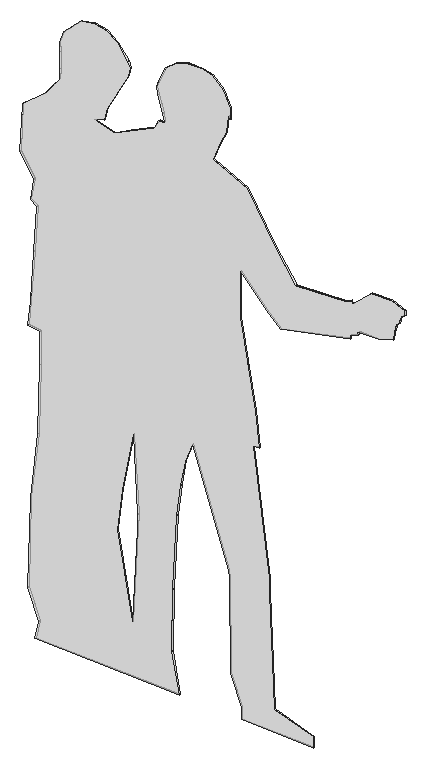
Revit family "Flat Men 01", category Entourage, Revit 2015
Parameters
  Flat Material [instance] = none
  Height = 0 mm
Reference planes
  plane 1 "Center (Front/Back)": y = 0
  plane 2: z = 0
  plane 3 "Center (Left/Right)": x = 0
Forms (mm)
  Extrusion 1, solid, material <- "Flat Material"
    sketch origin (0, 0, 0) x (1, 0, 0) y (0, 0, 1)
      loop
        line (86.733, 118.632) -> (89.636, 296.58) -> (102.497, 511.86) -> (115.355, 601.871) -> (128.628, 676.12) -> (151.028, 732.534) -> (266.755, 412.309) -> (270.074, 389.495) -> (272.978, 119.877) -> (308.237, 34.844) -> (308.237, 0) -> (536.789, 0) -> (536.789, 31.525) -> (414.424, 67.197) -> (398.246, 396.131) -> (398.246, 434.708) -> (346.811, 793.922) -> (366.306, 795.168) -> (353.449, 898.038) -> (305.331, 1148.989) -> (305.331, 1280.895) -> (394.927, 1192.959) -> (433.919, 1158.53) -> (655.837, 1209.965) -> (656.56, 1221.13) -> (680.308, 1228.631) -> (679.479, 1237.342) -> (745.017, 1239.415) -> (793.134, 1254.347) -> (797.281, 1277.576) -> (803.919, 1304.538) -> (810.555, 1307.028) -> (818.851, 1331.086) -> (829.635, 1335.649) -> (829.635, 1351.825) -> (786.911, 1367.172) -> (723.448, 1364.269) -> (663.067, 1313.05) -> (659.569, 1321.545) -> (642.978, 1312.835) -> (482.035, 1303.295) -> (414.009, 1392.891) -> (327.732, 1525.211) -> (240.624, 1560.469) -> (219.053, 1570.839) -> (240.624, 1624.763) -> (260.119, 1660.435) -> (266.331, 1710.132) -> (272.978, 1702.329) -> (272.978, 1734.269) -> (250.579, 1779.481) -> (214.906, 1808.104) -> (184.626, 1816.813) -> (137.339, 1815.154) -> (98.762, 1802.295) -> (67.238, 1779.481) -> (44.839, 1734.269) -> (38.203, 1714.774) -> (41.52, 1692.374) -> (57.698, 1644.258) -> (61.43, 1621.444) -> (44.839, 1621.444) -> (31.565, 1596.141) -> (-45.379, 1559.225) -> (-97.615, 1534.848) -> (-159.048, 1550.206) -> (-129.998, 1557.98) -> (-119.213, 1596.141) -> (-51.602, 1711.87) -> (-45.379, 1737.588) -> (-54.09, 1753.35) -> (-87.274, 1795.659) -> (-122.116, 1818.059) -> (-161.108, 1825.94) -> (-203.003, 1818.059) -> (-260.659, 1766.209) -> (-273.519, 1730.951) -> (-270.614, 1705.234) -> (-270.614, 1657.116) -> (-273.519, 1624.763) -> (-289.695, 1605.683) -> (-317.486, 1571.668) -> (-389.662, 1515.672) -> (-398.373, 1375.885) -> (-353.989, 1312.835) -> (-363.944, 1251.859) -> (-344.448, 1239) -> (-353.989, 1107.095) -> (-363.944, 962.33) -> (-372.655, 888.496) -> (-334.493, 884.764) -> (-334.493, 788.53) -> (-341.13, 589.428) -> (-364.773, 399.865) -> (-372.869, 139.998) -> (-337.612, 54.965) -> (-350.911, 0) -> (110.782, 0) -> (86.733, 118.632)
      loop
        line (-71.098, 524.719) -> (-87.274, 406.086) -> (-38.743, 158.039) -> (-22.98, 431.804) -> (-22.15, 471.211) -> (-36.668, 694.786) -> (-71.098, 524.719)
    from -2.5 to 2.5
Lines and regions (mm)
  model lines
    curve 1: line (0, 148, 0) -> (0, -152, 0)
Dimensions and locks
  aligned and locked: level to plane 2
